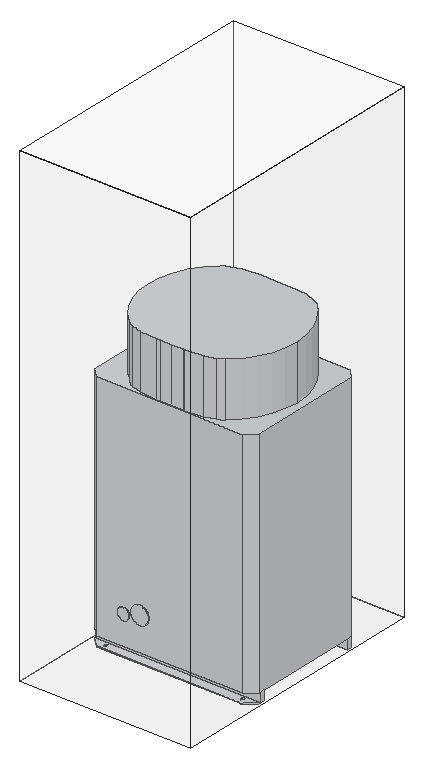
Revit family "室外機（高効率EX50Hz）_MEE修正", category 機械設備, Revit 2019 (continued)
Types (49, lengths in mm): name | 風量（m3／min） | 風量 | 音響パワーレベル(dB) | 電源位置2X（ユニット3） | 電源位置2X（ユニット2） | 電源位置2X（ユニット1） | 電源位置1X（ユニット3） | 電源位置1X（ユニット2） | 電源位置1X（ユニット1） | 電動機出力_送風機 | 電動機出力_圧縮機 | 質量 | 製品質量 | 消費電力_暖房 | 消費電力_冷房 | 消費電力 | 最小電線太さ_mm2 | 暖房能力 | 推奨ブレーカー容量 | 冷房能力 | 冷媒管（液）位置2 (ユニット3) | 冷媒管（液）位置2 (ユニット2) | 冷媒管（液）位置1 (ユニット3） | 冷媒管（ガス）位置2 (ユニット3) | 冷媒管（ガス）位置2 (ユニット2) | 冷媒管（液）位置1 (ユニット1) | 冷媒管（液）位置2 (ユニット1) | 冷媒管（ガス）位置2 (ユニット1) | 冷媒管（液）位置1 (ユニット2） | 冷媒管径符号 | 冷媒管位置3 (ユニット3) | 冷媒管位置3 (ユニット2) | 冷媒管位置3 (ユニット1) | 冷媒管位置2 (ユニット3) | 冷媒管位置2 (ユニット2) | 冷媒管位置1 (ユニット2) | 冷媒管位置2 (ユニット1) | 冷媒管位置1 (ユニット3) | 冷媒管位置1 (ユニット1) | 冷媒液管径3 | 冷媒液管径2 | 冷媒液管径 | 冷媒ガス管径3 | 冷媒ガス管径2 | 冷媒ガス管径 | ユニット隙間 | ユニット数 | ユニットタイプ3 | ユニットタイプ2 | ユニットタイプ1 | ユニット3 | ユニット2 | モデル | サービススペース_タイプA | アンカーボルト位置X（ユニット3） | アンカーボルト位置X（ユニット2） | アンカーボルト位置X（ユニット1） | Width3 | Width2 | Width1 | Width | URL | MAX風量 | Clearance Right | Clearance Left | Clearance Back | APF
  PUHY-EP670DMG7_タイプB | 420 | 25200.0 m³/h | 85.5 | 227 | 227 | 227 | 251 | 251 | 251 | 0.92 kW | 15.54 kW | 535.20 kg | 446.00 kg | 19.6 kW | 19.4 kW | 19.6 kW | 60 | 77.5 kW | 100 A | 67 kW | 143 | 143 | 301 | 145 | 145 | 301 | 143 | 145 | 301 | "Dh" | 197.5 | 197.5 | 197.5 | 144 | 144 | 342.5 | 144 | 342.5 | 342.5 | 12.70 | 12.70 | 12.70 | 25.40 | 25.40 | 25.40 | 100 | 2 | 筐体モジュール（高効率EX） : 335筐体 | 筐体モジュール（高効率EX） : 335筐体 | 筐体モジュール（高効率EX） : 335筐体 | no | yes | "PUHY-EP670DMG7" | no | 1060 | 1060 | 1060 | 1220 | 1220 | 1220 | 2540 | "https://www.mitsubishielectric.co.jp/ldg/wink/ssl/displayProduct.do?pid=307706" | 25200.0 m³/h | 50 | 50 | 100 | 6.2
  PUHY-EP730DMG7_タイプB | 570 | 34200.0 m³/h | 86 | 227 | 227 | 516 | 251 | 251 | 541 | 1.38 kW | 17.61 kW | 607.20 kg | 506.00 kg | 22.3 kW | 22.2 kW | 22.3 kW | 60 | 82.5 kW | 100 A | 73 kW | 143 | 143 | 301 | 145 | 145 | 590 | 143 | 145 | 301 | "Dh" | 197.5 | 197.5 | 197.5 | 144 | 144 | 342.5 | 144 | 342.5 | 631.5 | 12.70 | 12.70 | 12.70 | 25.40 | 25.40 | 25.40 | 100 | 2 | 筐体モジュール（高効率EX） : 335筐体 | 筐体モジュール（高効率EX） : 335筐体 | 筐体モジュール.（高効率EX） : 400筐体 | no | yes | "PUHY-EP730DMG7" | no | 1060 | 1060 | 795 | 1220 | 1220 | 1750 | 3070 | "https://www.mitsubishielectric.co.jp/ldg/wink/ssl/displayProduct.do?pid=307709" | 34200.0 m³/h | 50 | 50 | 100 | 6.2
  PUHY-EP775DMG7_タイプB | 720 | 43200.0 m³/h | 86 | 516 | 516 | 516 | 541 | 541 | 541 | 1.84 kW | 19.68 kW | 679.20 kg | 566.00 kg | 25.6 kW | 24.5 kW | 25.6 kW | 60 | 90 kW | 125 A | 77.5 kW | 143 | 143 | 590 | 145 | 145 | 590 | 143 | 145 | 590 | "Ei" | 197.5 | 197.5 | 197.5 | 144 | 144 | 631.5 | 144 | 631.5 | 631.5 | 12.70 | 12.70 | 12.70 | 25.40 | 25.40 | 25.40 | 100 | 2 | 筐体モジュール.（高効率EX） : 400筐体 | 筐体モジュール.（高効率EX） : 400筐体 | 筐体モジュール.（高効率EX） : 400筐体 | no | yes | "PUHY-EP775DMG7" | no | 795 | 795 | 795 | 1750 | 1750 | 1750 | 3600 | "https://www.mitsubishielectric.co.jp/ldg/wink/ssl/displayProduct.do?pid=307711" | 43200.0 m³/h | 50 | 50 | 100 | 6.3
  PUHY-EP850DMG7_タイプB | 720 | 43200.0 m³/h | 86 | 516 | 516 | 516 | 541 | 541 | 541 | 1.84 kW | 22.44 kW | 679.20 kg | 566.00 kg | 26.8 kW | 28.6 kW | 28.6 kW | 60 | 95 kW | 125 A | 85 kW | 143 | 143 | 590 | 145 | 145 | 590 | 144 | 145 | 590 | "Ei" | 197.5 | 197.5 | 205 | 144 | 144 | 631.5 | 144.5 | 631.5 | 631.5 | 12.70 | 12.70 | 15.88 | 25.40 | 25.40 | 28.58 | 100 | 2 | 筐体モジュール.（高効率EX） : 400筐体 | 筐体モジュール.（高効率EX） : 400筐体 | 筐体モジュール.（高効率EX） : 450筐体 | no | yes | "PUHY-EP850DMG7" | no | 795 | 795 | 795 | 1750 | 1750 | 1750 | 3600 | "https://www.mitsubishielectric.co.jp/ldg/wink/ssl/displayProduct.do?pid=307604" | 43200.0 m³/h | 50 | 50 | 100 | 6.3
  PUHY-EP900DMG7_タイプB | 720 | 43200.0 m³/h | 86 | 516 | 516 | 516 | 541 | 541 | 541 | 1.84 kW | 25.2 kW | 679.20 kg | 566.00 kg | 27.1 kW | 32.4 kW | 32.4 kW | 100 | 100 kW | 125 A | 90 kW | 144 | 144 | 590 | 145 | 145 | 590 | 144 | 145 | 590 | "Ei" | 205 | 205 | 205 | 144.5 | 144.5 | 631.5 | 144.5 | 631.5 | 631.5 | 15.88 | 15.88 | 15.88 | 28.58 | 28.58 | 28.58 | 100 | 2 | 筐体モジュール.（高効率EX） : 450筐体 | 筐体モジュール.（高効率EX） : 450筐体 | 筐体モジュール.（高効率EX） : 450筐体 | no | yes | "PUHY-EP900DMG7" | no | 795 | 795 | 795 | 1750 | 1750 | 1750 | 3600 | "https://www.mitsubishielectric.co.jp/ldg/wink/ssl/displayProduct.do?pid=307716" | 43200.0 m³/h | 50 | 50 | 100 | 6.4
  PUHY-EP950DMG7_タイプB | 720 | 43200.0 m³/h | 87.5 | 516 | 516 | 516 | 541 | 541 | 541 | 1.84 kW | 27.8 kW | 686.40 kg | 572.00 kg | 29.1 kW | 34.4 kW | 34.4 kW | 100 | 106 kW | 150 A | 95 kW | 144 | 144 | 590 | 145 | 145 | 590 | 144 | 145 | 590 | "Ek" | 205 | 205 | 205 | 144.5 | 144.5 | 631.5 | 144.5 | 631.5 | 631.5 | 15.88 | 15.88 | 15.88 | 28.58 | 28.58 | 28.58 | 100 | 2 | 筐体モジュール.（高効率EX） : 450筐体 | 筐体モジュール.（高効率EX） : 450筐体 | 筐体モジュール.（高効率EX） : 500筐体 | no | yes | "PUHY-EP950DMG7" | no | 795 | 795 | 795 | 1750 | 1750 | 1750 | 3600 | "https://www.mitsubishielectric.co.jp/ldg/wink/ssl/displayProduct.do?pid=307718" | 43200.0 m³/h | 50 | 50 | 100 | 5.6
